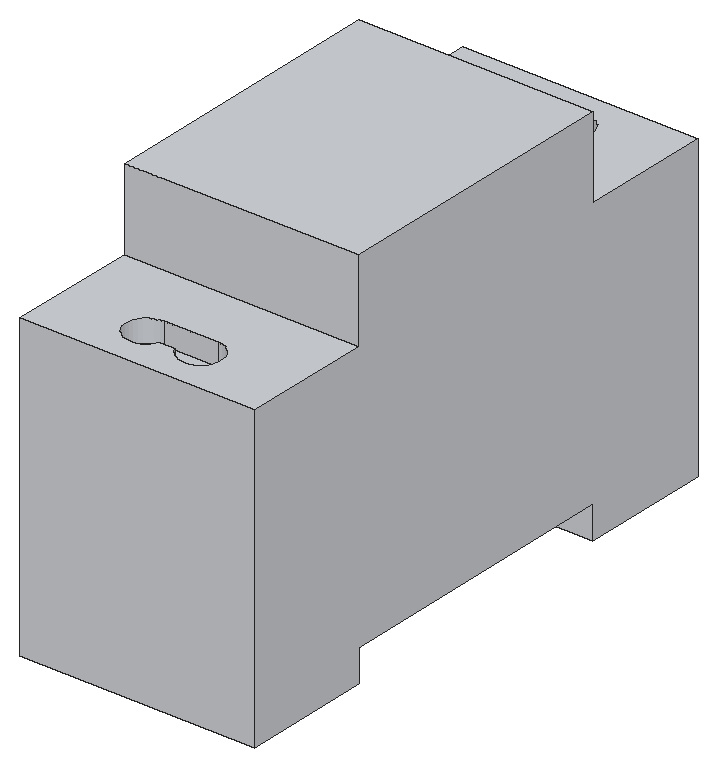
Revit family "Power-ModularDevices-GEWISS-90AM-CONTACTORS_MANUAL_COMMAND_25A", category Apparecchi elettrici, host Superficie, Revit 2016
Family settings
  Host = Superficie
  Mantenere orientamento annotazione = Sì
  Tipo di parte = Normale
  Quota connettore circolare = Usa diametro
  Numero OmniClass = 23.80.30.00
  Titolo OmniClass = Distribution Devices
  Taglio con vuoti quando caricato = No
  Condiviso = No
  Punto di calcolo locali = Sì
Parameters (values of type "GWD6754 - CONTACTOR D/N 25A 4NO 230V 2M")
  dIST sIMBOLO [instance] = 6.4 mm  # constant formula
  Version file RFA = "18.0"
  URL = "https://www.gewiss.com/ww/en"
  Technical sheet = "https://www.gewiss.com/ww/en/search?q=GWD6754"
  TEXT LABEL = "A"
  Realized by GEWISS S.p.A. = ""
  Rated current (AC-1/AC-7a) = "25 A - CTRM25"
  Default Elevation = 1219.2 mm
  Produttore = "GEWISS S.p.A."
  Potenza in Watt = 0 V
  Numero poli = 1
  No. Chorus modules = "2"
  Modello = "GWD6754"
  Immagine tipo = GWD6754.jpg
  IFC.TypeObject = ""
  IFC.ExportType = ""
  IFC.ExportAs = ""
  IDT = "ba8551de-7667-4587-b6d7-311e7f73038c"
  IDF = "a233116f-77d4-4d3b-91b6-67c450f5d48b"
  Fin_contatore = none
  Electrocod = "1712                "
  EAN code = "8011564809567"
  Dist_dalla barra din [instance] = 5 mm
  Descrizione = "CONTACTOR D/N 25A 4NO 230V 2M"
  D = 45 mm  # constant formula
  Control coil voltage (V) = "230Vac - 220Vdc"
  Control = "Manual"
  Contacts = "4NO"
  Assembly Code = ""
  Catalogue Range = "90 AM"
  Catalogue = "POWER"
  COBie.Tagnumber = ""
  COBie.CreatedOn = ""
  COBie.CreatebBy = ""
  COBie.ComponentRegisterItemID = ""
  COBie.Component.TagNumber = ""
  COBie.Component.Space = ""
  COBie.Component.SerialNumber = ""
  COBie.Component.InstallationDate = ""
  COBie.Component.Description = ""
  COBie.Component.BarCode = ""
  C = 65 mm  # constant formula
  B = 85 mm  # constant formula
  A = 36 mm  # constant formula
Types (5, lengths in mm): name | URL | Technical sheet | Produttore | Modello | Immagine tipo | IDT | EAN code | Descrizione | Control coil voltage (V) | Contacts
  (no name) | 0 | "" | "GEWISS" | "GWD6751" | GWD6751.jpg | "" | "" | "CONTATTORE G/N 25A 2NA 230V 2M" | "" | ""
  GWD6754 - CONTACTOR D/N 25A 4NO 230V 2M | "https://www.gewiss.com/ww/en" | "https://www.gewiss.com/ww/en/search?q=GWD6754" | "GEWISS S.p.A." | "GWD6754" | GWD6754.jpg | "ba8551de-7667-4587-b6d7-311e7f73038c" | "8011564809567" | "CONTACTOR D/N 25A 4NO 230V 2M" | "230Vac - 220Vdc" | "4NO"
  GWD6753 - CONTACTOR D/N 25A 4NO 24V 2M | "https://www.gewiss.com/ww/en" | "https://www.gewiss.com/ww/en/search?q=GWD6753" | "GEWISS S.p.A." | "GWD6753" | GWD6753.jpg | "13f1a271-fbce-42aa-855a-4ebfa96bcacc" | "8011564809550" | "CONTACTOR D/N 25A 4NO 24V 2M" | "24Vac/dc" | "4NO"
  GWD6752 - CONTACTOR D/N 25A 3NO 230V 2M | "https://www.gewiss.com/ww/en" | "https://www.gewiss.com/ww/en/search?q=GWD6752" | "GEWISS S.p.A." | "GWD6752" | GWD6752.jpg | "6a72590c-ea91-469b-9870-6d94199aad2e" | "8011564809543" | "CONTACTOR D/N 25A 3NO 230V 2M" | "230Vac - 220Vdc" | "3NO"
  GWD6751 - CONTACTOR D/N 25A 2NO 230V 2M | "https://www.gewiss.com/ww/en" | "https://www.gewiss.com/ww/en/search?q=GWD6751" | "GEWISS S.p.A." | "GWD6751" | GWD6751.jpg | "03901a61-c71b-4f5c-97f1-26f143d947b2" | "8011564809536" | "CONTACTOR D/N 25A 2NO 230V 2M" | "230Vac - 220Vdc" | "2NO"
Values of the unnamed type that differ from the named types
  Version file RFA = ""
  TEXT LABEL = ""
  Rated current (AC-1/AC-7a) = ""
  No. Chorus modules = ""
  IDF = ""
  Electrocod = ""
  Control = ""
  Catalogue Range = ""
  Catalogue = ""
Reference planes
  plane 1 "Centro (Fronte/Retro)": y = 0
  plane 2: z = 0
  plane 3 "Centro (Sinistra/Destra)": x = 0
Dimensions and locks
  aligned and locked: plane 2 to host face
  aligned and locked: level to host face
  aligned and locked: plane 3 "Centro (Sinistra/Destra)" to nested 1
  aligned and locked: plane 1 "Centro (Fronte/Retro)" to nested 1
Nested families
  nested 1: "90AM CONTATTORI COMANDO MANUALE 25A_generico" at (0, 0, 0), type "90AM CONTATTORI COMANDO MANUALE 25A_generico"
Connectors
  electrical at (0, 42.5, 23.232), driven by "Numero poli"
    settings: on nested 1, index 1, voltage 230 V, apparent load 0 VA, apparent load phase1 0 VA, apparent load phase2 0 VA, apparent load phase3 0 VA, power factor 1, load classification "Altro", number of poles 1, system type 31, power factor state 1, is connector primary yes, connector utility no, sub classification motor no, connector description ""
Definition of nested family "90AM CONTATTORI COMANDO MANUALE 25A_generico"
  Parameters (values of type "90AM CONTATTORI COMANDO MANUALE 25A_generico")
    interruttore = none
    gw96003/04 = yes
    Default Elevation = 1219.2 mm
    Finitura Amperometro = none
    DIST_DALLA BARRA = 5 mm
    D = 45 mm
    C = 59 mm
    B = 85 mm
    A = 36 mm
  Reference planes
    plane 1 "Centro (Fronte/Retro)": y = 0
    plane 2: z = 0
    plane 3 "Centro (Sinistra/Destra)": x = 0
    plane 4: y = -22.5
    plane 5: y = 22.5
    plane 6: y = -32.5
    plane 7: y = 32.5
    plane 8: y = -42.5
    plane 9: y = 42.5
    plane 10 "POSIZIONAMENTO FRONTALE": z = 59
    plane 11: z = 0
    plane 12: z = 5
    plane 13 "FOROMETRIA": z = 33.929
    plane 14 "POSIZIONAMENTO 2D": z = 46.465
    plane 15: x = -18
    plane 16: x = 18
    plane 17: through (0, -1524, 57.378) normal (-0.6412, 0, 0.7674)
    plane 18: z = 43.108
    plane 19 "aaaa": y = -8.75
  Forms (mm)
    Extrusion 1, solid, material <- "Finitura Amperometro"
      sketch origin (0, 0, 5) x (0, 1, 0) y (0, 0, 1)
        loop
          line (22.5, 54) -> (-22.5, 54) -> (-22.5, 41.465) -> (-42.5, 41.465) -> (-42.5, -5) -> (-22.5, -5) -> (-22.5, 0) -> (22.5, 0) -> (22.5, -5) -> (42.5, -5) -> (42.5, 41.465) -> (22.5, 41.465) -> (22.5, 54)
      from -18 to 18
    Extrusion 2, solid, material <- "Finitura Amperometro", detail levels coarse
      sketch origin (0, 0, 33.929) x (0, -1, 0) y (1, 0, 0)
        loop
          line (-42.5, -18) -> (42.5, -18) -> (42.5, 18) -> (-42.5, 18) -> (-42.5, -18)
      from -28.929 to 25.071
    Extrusion 3, solid, material <- "Finitura Amperometro", detail levels coarse
      sketch origin (0, 0, 0) x (0, 1, 0) y (0, 0, 1)
        loop
          line (-3.75, 57.378) -> (3.75, 57.378) -> (3.75, 59) -> (-3.75, 59) -> (-3.75, 57.378)
      from -4.396 to 4.396
    Extrusion 4, void
      sketch origin (0, 0, 46.465) x (0, -1, 0) y (1, 0, 0)
        loop
          arc (36.875, 1.18) -> (37.246, 6.866) -> (32.25, 4.125) r 3.25
          line (32.25, 4.125) -> (32.25, -4.125)
          arc (32.25, -4.125) -> (37.246, -6.866) -> (36.875, -1.18) r 3.25
          line (36.875, -1.18) -> (36.875, 1.18)
      from -3.357 to 0
    Extrusion 5, void
      sketch origin (0, 0, 46.465) x (0, -1, 0) y (1, 0, 0)
        loop
          arc (-32.25, 4.125) -> (-37.246, 6.866) -> (-36.875, 1.18) r 3.25
          line (-36.875, 1.18) -> (-36.875, -1.18)
          arc (-36.875, -1.18) -> (-37.246, -6.866) -> (-32.25, -4.125) r 3.25
          line (-32.25, -4.125) -> (-32.25, 4.125)
      from -3.357 to 0
  Cuts and joins
    Extrusion 4, Extrusion 5 cuts Extrusion 2
    Extrusion 4, Extrusion 5 cuts Extrusion 3
    joined: Extrusion 2, Extrusion 3
    Extrusion 4, Extrusion 5 cuts Extrusion 1
  Lines and regions (mm)
    model lines
      curve 1: circle (0, -28, 46.465) r 2.5 normal (0, 0, 1)
      curve 2: circle (0, 28, 46.465) r 2.5 normal (0, 0, 1)
      curve 3: line (-18, 22.5, 46.465) -> (18, 22.5, 46.465)
      curve 4: line (18, -42.5, 46.465) -> (18, -22.5, 46.465)
      curve 5: line (18, 42.5, 46.465) -> (-18, 42.5, 46.465)
      curve 6: line (-18, 42.5, 46.465) -> (-18, 22.5, 46.465)
      curve 7: line (-18, -42.5, 46.465) -> (18, -42.5, 46.465)
      curve 8: line (-18, -22.5, 46.465) -> (18, -22.5, 46.465)
      curve 9: line (-18, -22.5, 46.465) -> (-18, -42.5, 46.465)
      curve 10: line (18, 22.5, 46.465) -> (18, 42.5, 46.465)
    model lines, detail levels medium+fine
      curve 11: line (17.8, 3.114, 59) -> (0.25, 3.114, 59)
      curve 12: line (0.25, 3.114, 59) -> (0.25, 7.77, 59)
      curve 13: line (18, 7.77, 59) -> (-18, 7.77, 59)
      curve 14: line (18, -22.5, 59) -> (18, -3.002, 59)
      curve 15: line (-18, 21.998, 59) -> (-18, -0.307, 59)
      curve 16: line (-18, -22.5, 59) -> (18, -22.5, 59)
      curve 17: line (-18, -0.307, 59) -> (-18, -22.5, 59)
      curve 18: line (18, -3.002, 59) -> (18, 21.998, 59)
      curve 19: line (-12.985, -9.252, 59) -> (-16.485, -9.252, 59)
      curve 20: line (-16.485, -9.252, 59) -> (-16.485, 5.748, 59)
      curve 21: line (-16.485, 5.748, 59) -> (-12.985, 5.748, 59)
      curve 22: line (-12.985, 5.748, 59) -> (-12.985, -9.252, 59)
      curve 23: line (-11.66, -2.252, 59) -> (-11.244, -2.252, 59)
      curve 24: line (-11.244, -2.252, 59) -> (-10.694, -3.901, 59)
      curve 25: line (-10.694, -3.901, 59) -> (-10.41, -4.752, 59)
      curve 26: line (-12.494, -4.752, 59) -> (-12.21, -3.901, 59)
      curve 27: line (-12.21, -3.901, 59) -> (-11.66, -2.252, 59)
      curve 28: line (-11.912, -6.806, 59) -> (-12.121, -6.912, 59)
      curve 29: line (-12.121, -6.912, 59) -> (-12.329, -7.125, 59)
      curve 30: line (-12.329, -7.125, 59) -> (-12.433, -7.337, 59)
      curve 31: line (-12.433, -7.337, 59) -> (-12.485, -7.603, 59)
      curve 32: line (-12.485, -7.603, 59) -> (-12.485, -8.401, 59)
      curve 33: line (-12.485, -8.401, 59) -> (-12.433, -8.667, 59)
      curve 34: line (-12.433, -8.667, 59) -> (-12.329, -8.88, 59)
      curve 35: line (-12.329, -8.88, 59) -> (-12.121, -9.093, 59)
      curve 36: line (-12.121, -9.093, 59) -> (-11.912, -9.199, 59)
      curve 37: line (-11.912, -9.199, 59) -> (-11.652, -9.252, 59)
      curve 38: line (-11.652, -9.252, 59) -> (-11.235, -9.252, 59)
      curve 39: line (-11.235, -9.252, 59) -> (-10.975, -9.199, 59)
      curve 40: line (-10.975, -9.199, 59) -> (-10.767, -9.093, 59)
      curve 41: line (-10.767, -9.093, 59) -> (-10.558, -8.88, 59)
      curve 42: line (-10.558, -8.88, 59) -> (-10.454, -8.667, 59)
      curve 43: line (-10.454, -8.667, 59) -> (-10.402, -8.401, 59)
      curve 44: line (-10.402, -8.401, 59) -> (-10.402, -7.603, 59)
      curve 45: line (-10.402, -7.603, 59) -> (-10.454, -7.337, 59)
      curve 46: line (-10.454, -7.337, 59) -> (-10.558, -7.125, 59)
      curve 47: line (-10.558, -7.125, 59) -> (-10.767, -6.912, 59)
      curve 48: line (-10.767, -6.912, 59) -> (-10.975, -6.806, 59)
      curve 49: line (-10.975, -6.806, 59) -> (-11.235, -6.752, 59)
      curve 50: line (-11.235, -6.752, 59) -> (-11.652, -6.752, 59)
      curve 51: line (-11.652, -6.752, 59) -> (-11.912, -6.806, 59)
      curve 52: line (-10.694, -3.901, 59) -> (-12.21, -3.901, 59)
      curve 53: line (-11.589, 5.248, 59) -> (-11.589, 2.748, 59)
      curve 54: circle (-12.75, 35.5, 46.465) r 3.25 normal (0, 0, 1)
      curve 55: circle (12.75, 35.5, 46.465) r 3.25 normal (0, 0, 1)
      curve 56: circle (-12.75, -35.5, 46.465) r 3.25 normal (0, 0, 1)
      curve 57: circle (12.75, -35.5, 46.465) r 3.25 normal (0, 0, 1)
  Dimensions and locks
    equal spacing: plane 4, plane 1 "Centro (Fronte/Retro)", plane 5
    "D": plane 4 to plane 5
    "C": plane 11 to plane 10 "POSIZIONAMENTO FRONTALE"
    locked: plane 11 to plane 12 at 5
    "B": plane 8 to plane 9
    equal spacing: plane 8, plane 1 "Centro (Fronte/Retro)", plane 9
    plane 12 to plane 13 "FOROMETRIA" = 28.929 mm
    equal spacing: plane 10 "POSIZIONAMENTO FRONTALE", plane 14 "POSIZIONAMENTO 2D", plane 13 "FOROMETRIA"
    locked: plane 6 to plane 4 at 10
    locked: plane 5 to plane 7 at 10
    equal spacing: plane 15, plane 3 "Centro (Sinistra/Destra)", plane 16
    "A": plane 15 to plane 16
    "DIST_DALLA BARRA": plane 2 to plane 12
    plane 8 to plane 6 = 10 mm
    locked: plane 14 "POSIZIONAMENTO 2D" to plane 18 at 3.357
    aligned and locked: level to plane 2
    aligned and locked: plane 4 to Extrusion 1 sketch curve
    aligned and locked: plane 5 to Extrusion 1 sketch curve
    aligned and locked: plane 8 to Extrusion 1 sketch curve
    aligned and locked: plane 9 to Extrusion 1 sketch curve
    aligned and locked: plane 12 to Extrusion 1 sketch curve
    aligned and locked: plane 11 to Extrusion 1 sketch curve  (x2)
    aligned and locked: plane 14 "POSIZIONAMENTO 2D" to Extrusion 1 sketch curve
    aligned and locked: Extrusion 1 sketch curve to plane 14 "POSIZIONAMENTO 2D"
    aligned and locked: plane 15 to Extrusion 1
    aligned and locked: Extrusion 1 to plane 16
    aligned and locked: plane 16 to Extrusion 2 sketch curve
    aligned and locked: plane 9 to Extrusion 2 sketch curve
    aligned and locked: Extrusion 2 sketch curve to plane 15
    aligned and locked: Extrusion 2 sketch curve to plane 8
    aligned and locked: Extrusion 2 to plane 10 "POSIZIONAMENTO FRONTALE"
    aligned and locked: plane 12 to Extrusion 2
    aligned and locked: Extrusion 4 to plane 18
    aligned and locked: plane 14 "POSIZIONAMENTO 2D" to cut or joined group of Extrusion 2, Extrusion 3, Extrusion 4, Extrusion 5  (x2)
    aligned and locked: Extrusion 4 to Extrusion 5
    aligned and locked: Extrusion 1 sketch curve to plane 10 "POSIZIONAMENTO FRONTALE"
    aligned and locked: plane 15 to curve 9
    aligned and locked: curve 4 to plane 16
    aligned and locked: curve 10 to plane 16
    aligned and locked: plane 15 to curve 6
  Automatic sketch dimensions
    plane 10 "POSIZIONAMENTO FRONTALE" to Extrusion 3 sketch curve = 0 mm
    Extrusion 3 sketch curve to plane 1 "Centro (Fronte/Retro)" = 3.75 mm
    plane 1 "Centro (Fronte/Retro)" to Extrusion 3 sketch curve = 3.75 mm
    plane 10 "POSIZIONAMENTO FRONTALE" to Extrusion 3 sketch curve = 1.622 mm
    Extrusion 4 sketch curve to plane 6 = 0.25 mm
    plane 6 to Extrusion 4 sketch curve = 3 mm  (x2)
    Extrusion 4 sketch curve to plane 3 "Centro (Sinistra/Destra)" = 1.18 mm
    Extrusion 4 sketch curve to Extrusion 4 sketch curve = 1.375 mm
    plane 3 "Centro (Sinistra/Destra)" to Extrusion 4 sketch curve = 1.18 mm
    plane 3 "Centro (Sinistra/Destra)" to Extrusion 5 sketch curve = 1.18 mm
    Extrusion 5 sketch curve to plane 7 = 4.375 mm
    Extrusion 5 sketch curve to plane 7 = 3 mm  (x2)
    plane 7 to Extrusion 5 sketch curve = 0.25 mm
    Extrusion 5 sketch curve to plane 3 "Centro (Sinistra/Destra)" = 1.18 mm
    curve 15 to curve 11 = 18.568 mm  (x2)
    curve 16 to curve 14 = 36 mm
    curve 14 to curve 14 = 19.498 mm
    curve 14 to curve 17 = 36.101 mm
    curve 55 to plane 7 = 3 mm
    curve 54 to plane 7 = 3 mm
    plane 6 to curve 56 = 3 mm
    plane 6 to curve 57 = 3 mm
    curve 56 to curve 57 = 25.5 mm
    plane 9 to curve 10 = 0 mm
    curve 2 to plane 3 "Centro (Sinistra/Destra)" = 0 mm
    plane 5 to curve 3 = 0 mm
    plane 4 to curve 4 = 0 mm
    curve 1 to plane 3 "Centro (Sinistra/Destra)" = 0 mm
    plane 8 to curve 4 = 0 mm
    curve 1 to plane 6 = 4.5 mm
    curve 54 to plane 15 = 5.25 mm
    curve 56 to plane 15 = 5.25 mm
    plane 16 to curve 55 = 5.25 mm
    plane 7 to curve 2 = 4.5 mm
    curve 15 to plane 15 = 0 mm
    plane 4 to curve 16 = 0 mm
    plane 19 "aaaa" to curve 19 = 0.502 mm
    curve 19 to plane 15 = 1.515 mm
    curve 20 to curve 22 = 3.5 mm
    curve 33 to plane 19 "aaaa" = 0.349 mm
    curve 19 to curve 33 = 0.5 mm
    curve 33 to plane 19 "aaaa" = 0.083 mm
    curve 32 to curve 33 = 0.052 mm
    curve 31 to plane 19 "aaaa" = 1.413 mm
    curve 31 to curve 31 = 0.052 mm
    curve 30 to curve 29 = 0.104 mm
    plane 19 "aaaa" to curve 34 = 0.13 mm
    curve 33 to curve 34 = 0.104 mm
    curve 29 to curve 28 = 0.208 mm
    plane 19 "aaaa" to curve 36 = 0.343 mm
    curve 34 to curve 36 = 0.208 mm
    plane 19 "aaaa" to curve 37 = 0.449 mm
    curve 35 to curve 37 = 0.208 mm
    curve 28 to curve 51 = 0.208 mm
    curve 26 to curve 23 = 0.55 mm
    curve 36 to curve 38 = 0.26 mm
    curve 28 to curve 50 = 0.26 mm
    curve 23 to curve 23 = 0.417 mm
    curve 49 to plane 19 "aaaa" = 1.998 mm
    curve 50 to curve 49 = 0.417 mm
    curve 37 to curve 38 = 0.417 mm
    plane 19 "aaaa" to curve 39 = 0.449 mm
    curve 38 to curve 39 = 0.26 mm
    curve 48 to plane 19 "aaaa" = 1.944 mm
    curve 49 to curve 48 = 0.26 mm
    plane 19 "aaaa" to curve 41 = 0.343 mm
    curve 39 to curve 41 = 0.208 mm
    curve 47 to plane 19 "aaaa" = 1.838 mm
    curve 48 to curve 47 = 0.208 mm
    plane 1 "Centro (Fronte/Retro)" to curve 25 = 3.901 mm
    curve 47 to plane 19 "aaaa" = 1.625 mm
    curve 47 to curve 47 = 0.208 mm
    plane 19 "aaaa" to curve 42 = 0.13 mm
    curve 40 to curve 42 = 0.208 mm
    curve 42 to plane 19 "aaaa" = 0.083 mm
    curve 41 to curve 42 = 0.104 mm
    curve 45 to plane 19 "aaaa" = 1.413 mm
    curve 46 to curve 45 = 0.104 mm
    curve 43 to plane 19 "aaaa" = 0.349 mm
    curve 42 to curve 43 = 0.052 mm
    plane 3 "Centro (Sinistra/Destra)" to curve 12 = 0.25 mm
    curve 37 to curve 36 = 0.053 mm
    curve 31 to curve 30 = 0.266 mm
    curve 44 to curve 45 = 0.266 mm
    curve 30 to curve 30 = 0.213 mm
    curve 29 to curve 29 = 0.213 mm
    curve 28 to curve 51 = 0.106 mm
    plane 1 "Centro (Fronte/Retro)" to curve 18 = 3.002 mm
    plane 1 "Centro (Fronte/Retro)" to curve 27 = 2.252 mm
    plane 1 "Centro (Fronte/Retro)" to curve 17 = 0.307 mm
    curve 11 to plane 1 "Centro (Fronte/Retro)" = 3.114 mm
    curve 20 to plane 1 "Centro (Fronte/Retro)" = 5.748 mm
    curve 21 to curve 53 = 1.397 mm
    plane 16 to curve 11 = 0.2 mm
    curve 53 to curve 21 = 3 mm
    curve 53 to curve 21 = 0.5 mm
    curve 11 to curve 13 = 4.655 mm
    plane 5 to curve 18 = 0.502 mm
    plane 5 to curve 15 = 0.502 mm
    curve 26 to curve 28 = 0.581 mm
    curve 26 to curve 26 = 0.284 mm
    curve 26 to curve 26 = 0.851 mm
    curve 26 to curve 25 = 1.516 mm
    plane 1 "Centro (Fronte/Retro)" to curve 25 = 4.752 mm
    curve 24 to curve 25 = 0.284 mm
    Extrusion 1 sketch curve to plane 4 = 0 mm
    Extrusion 1 sketch curve to plane 5 = 0 mm
    curve 14 to plane 16 = 0 mm
    radius of curve 54 = 3.25 mm
    radius of curve 55 = 3.25 mm
    radius of curve 56 = 3.25 mm
    radius of curve 57 = 3.25 mm
    radius of curve 1 = 2.5 mm
    radius of curve 2 = 2.5 mm
